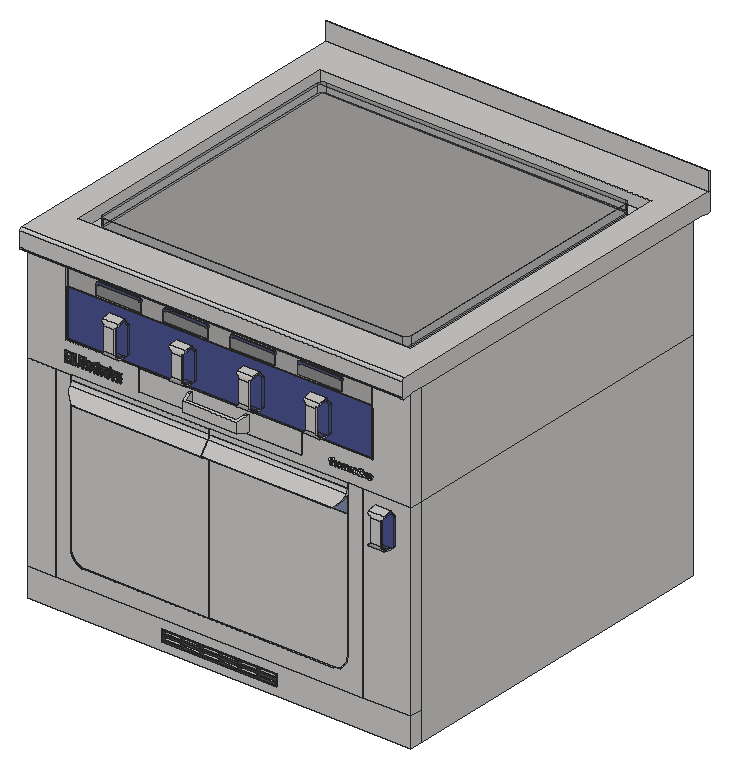
Revit family "QF_ELECTROLUXPROFESSIONAL_588461_MALQEBH4AO", category Attrezzature speciali, Revit 2020 (continued)
Definition of nested family "Front_Panel_W800_Four Knobs"
  Definition of nested family "ELX_Professional_Logo_Small"
    Forms (mm)
      Extrusion 2, solid, material <- "Material_Logo"
        sketch origin (15.5, 0, 0) x (1, 0, 0) y (0, 1, 0)
          loop
            spline (-4.441, -1.243) -> (-4.659, -1.247) -> (-4.894, -1.23) -> (-5.137, -1.19) -> (-5.384, -1.121) -> (-5.628, -1.021) -> (-5.864, -0.884) -> (-6.084, -0.708) -> (-6.283, -0.488) -> (-6.454, -0.219) -> (-6.592, 0.101) -> (-6.69, 0.478) -> (-6.742, 0.914)
            line (-6.742, 0.914) -> (-6.742, 4.587) -> (-4.487, 4.587) -> (-4.487, 6.838) -> (-6.738, 6.838) -> (-6.738, 10.824) -> (-9.217, 10.824) -> (-9.217, 0.773)
            spline (-9.217, 0.773) -> (-9.164, 0.19) -> (-9.068, -0.358) -> (-8.928, -0.87) -> (-8.742, -1.343) -> (-8.511, -1.777) -> (-8.232, -2.168) -> (-7.904, -2.515) -> (-7.527, -2.816) -> (-7.098, -3.069) -> (-6.618, -3.273) -> (-6.084, -3.426) -> (-5.496, -3.525)
            line (-5.496, -3.525) -> (-4.45, -3.573) -> (-4.441, -1.243)
          loop
            spline (3.898, 6.983) -> (3.469, 7.009) -> (3.056, 7.001) -> (2.661, 6.961) -> (2.283, 6.888) -> (1.925, 6.785) -> (1.588, 6.652) -> (1.272, 6.49) -> (0.979, 6.301) -> (0.71, 6.085) -> (0.465, 5.844) -> (0.247, 5.578) -> (0.056, 5.289)
            line (0.056, 5.289) -> (0.056, 6.838) -> (-2.402, 6.838) -> (-2.402, -3.572) -> (0.056, -3.572) -> (0.056, 1.901)
            spline (0.056, 1.901) -> (0.079, 2.316) -> (0.145, 2.703) -> (0.254, 3.06) -> (0.404, 3.386) -> (0.592, 3.679) -> (0.818, 3.938) -> (1.08, 4.162) -> (1.375, 4.348) -> (1.703, 4.495) -> (2.062, 4.602) -> (2.45, 4.668) -> (2.865, 4.69)
            line (2.865, 4.69) -> (3.898, 4.586) -> (3.898, 6.983)
          loop
            spline (15.638, 1.633) -> (15.586, 2.396) -> (15.435, 3.124) -> (15.192, 3.81) -> (14.863, 4.449) -> (14.455, 5.034) -> (13.975, 5.56) -> (13.43, 6.021) -> (12.826, 6.411) -> (12.17, 6.724) -> (11.469, 6.955) -> (10.729, 7.098) -> (9.958, 7.147)
            spline (9.958, 7.147) -> (9.182, 7.098) -> (8.44, 6.955) -> (7.737, 6.724) -> (7.081, 6.411) -> (6.477, 6.021) -> (5.933, 5.56) -> (5.454, 5.034) -> (5.048, 4.449) -> (4.721, 3.81) -> (4.479, 3.124) -> (4.329, 2.396) -> (4.277, 1.633)
            spline (4.277, 1.633) -> (4.329, 0.869) -> (4.479, 0.141) -> (4.721, -0.544) -> (5.048, -1.183) -> (5.454, -1.768) -> (5.933, -2.294) -> (6.477, -2.755) -> (7.081, -3.145) -> (7.737, -3.459) -> (8.44, -3.69) -> (9.182, -3.833) -> (9.958, -3.882)
            spline (9.958, -3.882) -> (10.729, -3.833) -> (11.469, -3.69) -> (12.17, -3.459) -> (12.826, -3.145) -> (13.43, -2.755) -> (13.975, -2.294) -> (14.455, -1.768) -> (14.863, -1.183) -> (15.192, -0.544) -> (15.435, 0.141) -> (15.586, 0.869) -> (15.638, 1.633)
          loop
            spline (13.18, 1.633) -> (13.151, 2.083) -> (13.067, 2.513) -> (12.932, 2.918) -> (12.748, 3.296) -> (12.52, 3.642) -> (12.251, 3.954) -> (11.943, 4.227) -> (11.601, 4.459) -> (11.228, 4.645) -> (10.828, 4.782) -> (10.403, 4.867) -> (9.958, 4.896)
            spline (9.958, 4.896) -> (9.509, 4.867) -> (9.081, 4.782) -> (8.679, 4.645) -> (8.306, 4.459) -> (7.964, 4.227) -> (7.658, 3.954) -> (7.39, 3.642) -> (7.163, 3.296) -> (6.981, 2.918) -> (6.847, 2.513) -> (6.765, 2.083) -> (6.736, 1.633)
            spline (6.736, 1.633) -> (6.765, 1.182) -> (6.847, 0.753) -> (6.981, 0.347) -> (7.163, -0.031) -> (7.39, -0.377) -> (7.658, -0.689) -> (7.964, -0.962) -> (8.306, -1.193) -> (8.679, -1.38) -> (9.081, -1.517) -> (9.509, -1.602) -> (9.958, -1.631)
            spline (9.958, -1.631) -> (10.403, -1.602) -> (10.828, -1.517) -> (11.228, -1.38) -> (11.601, -1.193) -> (11.943, -0.962) -> (12.251, -0.689) -> (12.52, -0.377) -> (12.748, -0.031) -> (12.932, 0.347) -> (13.067, 0.753) -> (13.151, 1.182) -> (13.18, 1.633)
          loop
            line (17.162, 4.269) -> (17.162, -3.573) -> (19.642, -3.573) -> (19.642, 10.824) -> (17.162, 10.824) -> (17.162, 4.269)
          loop
            line (28.581, 6.838) -> (28.581, 0.786)
            spline (28.581, 0.786) -> (28.561, 0.393) -> (28.503, 0.038) -> (28.409, -0.279) -> (28.281, -0.559) -> (28.122, -0.802) -> (27.933, -1.011) -> (27.717, -1.185) -> (27.476, -1.325) -> (27.213, -1.433) -> (26.929, -1.509) -> (26.626, -1.554) -> (26.308, -1.569)
            spline (26.308, -1.569) -> (25.99, -1.554) -> (25.688, -1.509) -> (25.404, -1.434) -> (25.141, -1.326) -> (24.9, -1.187) -> (24.684, -1.014) -> (24.496, -0.807) -> (24.336, -0.565) -> (24.209, -0.288) -> (24.115, 0.026) -> (24.057, 0.376) -> (24.037, 0.765)
            line (24.037, 0.765) -> (24.037, 6.838) -> (21.537, 6.838) -> (21.537, 0.558)
            spline (21.537, 0.558) -> (21.581, -0.153) -> (21.71, -0.8) -> (21.916, -1.384) -> (22.195, -1.904) -> (22.54, -2.362) -> (22.944, -2.757) -> (23.403, -3.09) -> (23.909, -3.362) -> (24.456, -3.572) -> (25.04, -3.722) -> (25.652, -3.811) -> (26.288, -3.841)
            spline (26.288, -3.841) -> (26.929, -3.811) -> (27.547, -3.72) -> (28.135, -3.568) -> (28.687, -3.355) -> (29.197, -3.079) -> (29.66, -2.741) -> (30.068, -2.341) -> (30.415, -1.877) -> (30.696, -1.349) -> (30.905, -0.757) -> (31.034, -0.101) -> (31.079, 0.621)
            line (31.079, 0.621) -> (31.079, 6.838) -> (28.581, 6.838)
          loop
            line (40.457, -0.243) -> (38.894, 1.942) -> (40.83, 4.579) -> (42.488, 6.837) -> (39.782, 6.837) -> (37.53, 3.719) -> (35.258, 6.837) -> (32.573, 6.837) -> (34.113, 4.731) -> (36.167, 1.922) -> (34.014, -1.076) -> (32.222, -3.573) -> (34.887, -3.573) -> (37.53, 0.104) -> (40.174, -3.573) -> (42.839, -3.573) -> (40.457, -0.243)
          loop
            line (-46.121, -5.837) -> (-48.039, -5.837) -> (-48.039, -10.814) -> (-47.016, -10.814) -> (-47.016, -9.128) -> (-46.121, -9.128)
            arc (-46.121, -9.128) -> (-44.476, -7.482) -> (-46.121, -5.837) r 1.645
          loop
            line (-46.163, -6.778) -> (-47.016, -6.778) -> (-47.016, -8.187) -> (-46.163, -8.187)
            arc (-46.163, -8.187) -> (-45.458, -7.482) -> (-46.163, -6.778) r 0.704
          loop
            line (-38.313, -5.837) -> (-40.265, -5.837) -> (-40.265, -10.814) -> (-39.241, -10.814) -> (-39.241, -9.1) -> (-38.46, -9.182) -> (-37.48, -10.814) -> (-36.318, -10.814) -> (-37.513, -8.848)
            arc (-37.513, -8.848) -> (-36.888, -8.266) -> (-36.671, -7.441) r 1.536
            arc (-36.671, -7.441) -> (-37.165, -6.305) -> (-38.313, -5.837) r 1.643
          loop
            arc (-38.402, -8.166) -> (-37.707, -7.505) -> (-38.334, -6.778) r 0.696
            line (-38.334, -6.778) -> (-39.241, -6.778) -> (-39.241, -8.166) -> (-38.402, -8.166)
          loop
            circle (-29.965, -8.325) r 2.585
          loop
            circle (-29.965, -8.325) r 1.64
          loop
            line (-23.1, -5.837) -> (-23.1, -10.814) -> (-22.076, -10.814) -> (-22.076, -8.768) -> (-20.204, -8.768) -> (-20.204, -7.828) -> (-22.076, -7.828) -> (-22.076, -6.778) -> (-20.024, -6.778) -> (-20.024, -5.837) -> (-23.1, -5.837)
          loop
            line (-15.802, -5.837) -> (-15.802, -9.2)
            arc (-15.802, -9.2) -> (-15.343, -10.34) -> (-14.209, -10.814) r 1.593
            line (-14.209, -10.814) -> (-12.602, -10.814) -> (-12.602, -10.027) -> (-14.004, -10.027)
            arc (-14.004, -10.027) -> (-14.552, -9.8) -> (-14.779, -9.252) r 0.775
            line (-14.779, -9.252) -> (-14.779, -8.424) -> (-12.789, -8.424) -> (-12.789, -7.642) -> (-14.779, -7.642) -> (-14.779, -6.778) -> (-12.651, -6.778) -> (-12.651, -5.837) -> (-15.802, -5.837)
          loop
            line (-5.909, -7.143) -> (-5.173, -6.638)
            arc (-5.173, -6.638) -> (-5.855, -5.974) -> (-6.781, -5.755) r 1.782
            arc (-6.781, -5.755) -> (-7.397, -5.878) -> (-7.944, -6.189) r 1.974
            arc (-7.944, -6.189) -> (-8.202, -6.5) -> (-8.317, -6.888) r 1.013
            arc (-8.317, -6.888) -> (-8.306, -7.341) -> (-8.192, -7.78) r 1.985
            arc (-8.192, -7.78) -> (-7.749, -8.259) -> (-7.171, -8.563) r 1.928
            arc (-7.171, -8.563) -> (-6.637, -8.779) -> (-6.131, -9.056) r 5.041
            arc (-6.131, -9.056) -> (-5.934, -9.387) -> (-6.09, -9.74) r 0.42
            arc (-6.09, -9.74) -> (-6.631, -9.96) -> (-7.204, -9.845) r 1.016
            arc (-7.204, -9.845) -> (-7.625, -9.603) -> (-7.889, -9.196) r 1.033
            line (-7.889, -9.196) -> (-8.67, -9.686)
            arc (-8.67, -9.686) -> (-8.361, -10.198) -> (-7.908, -10.589) r 1.914
            arc (-7.908, -10.589) -> (-7.334, -10.834) -> (-6.714, -10.896) r 2.063
            arc (-6.714, -10.896) -> (-5.947, -10.743) -> (-5.256, -10.376) r 2.696
            arc (-5.256, -10.376) -> (-4.95, -9.565) -> (-5.108, -8.712) r 1.618
            arc (-5.108, -8.712) -> (-5.448, -8.319) -> (-5.884, -8.035) r 1.876
            arc (-5.884, -8.035) -> (-6.434, -7.789) -> (-6.999, -7.577) r 9.883
            arc (-6.999, -7.577) -> (-7.325, -7.07) -> (-6.854, -6.694) r 0.45
            arc (-6.854, -6.694) -> (-6.329, -6.809) -> (-5.909, -7.143) r 1.197
          loop
            line (1.61, -7.143) -> (2.345, -6.638)
            arc (2.345, -6.638) -> (1.663, -5.974) -> (0.737, -5.755) r 1.782
            arc (0.737, -5.755) -> (0.121, -5.878) -> (-0.425, -6.189) r 1.974
            arc (-0.425, -6.189) -> (-0.683, -6.5) -> (-0.799, -6.888) r 1.013
            arc (-0.799, -6.888) -> (-0.788, -7.341) -> (-0.674, -7.78) r 1.985
            arc (-0.674, -7.78) -> (-0.231, -8.259) -> (0.347, -8.563) r 1.928
            arc (0.347, -8.563) -> (0.881, -8.779) -> (1.387, -9.056) r 5.041
            arc (1.387, -9.056) -> (1.584, -9.387) -> (1.428, -9.74) r 0.42
            arc (1.428, -9.74) -> (0.887, -9.96) -> (0.314, -9.845) r 1.016
            arc (0.314, -9.845) -> (-0.107, -9.603) -> (-0.371, -9.196) r 1.033
            line (-0.371, -9.196) -> (-1.152, -9.686)
            arc (-1.152, -9.686) -> (-0.842, -10.198) -> (-0.39, -10.589) r 1.914
            arc (-0.39, -10.589) -> (0.184, -10.834) -> (0.804, -10.896) r 2.063
            arc (0.804, -10.896) -> (1.572, -10.743) -> (2.263, -10.376) r 2.696
            arc (2.263, -10.376) -> (2.568, -9.565) -> (2.411, -8.712) r 1.618
            arc (2.411, -8.712) -> (2.07, -8.319) -> (1.635, -8.035) r 1.876
            arc (1.635, -8.035) -> (1.084, -7.789) -> (0.519, -7.577) r 9.883
            arc (0.519, -7.577) -> (0.193, -7.07) -> (0.665, -6.694) r 0.45
            arc (0.665, -6.694) -> (1.189, -6.809) -> (1.61, -7.143) r 1.197
          loop
            line (6.801, -5.837) -> (6.801, -10.814) -> (7.825, -10.814) -> (7.825, -5.837) -> (6.801, -5.837)
          loop
            circle (14.724, -8.325) r 1.548
          loop
            circle (14.724, -8.325) r 2.585
          loop
            line (21.59, -10.814) -> (22.623, -10.814) -> (22.623, -7.685) -> (24.9, -10.814) -> (25.895, -10.814) -> (25.895, -5.837) -> (24.861, -5.837) -> (24.861, -9.061) -> (22.585, -5.837) -> (21.59, -5.837) -> (21.59, -10.814)
          loop
            line (31.054, -10.814) -> (31.539, -9.74) -> (33.38, -9.74) -> (33.865, -10.814) -> (34.965, -10.814) -> (32.46, -5.837) -> (29.956, -10.814) -> (31.054, -10.814)
          loop
            line (32.46, -7.698) -> (31.999, -8.719) -> (32.921, -8.719) -> (32.46, -7.698)
          loop
            line (40.047, -9.873) -> (40.047, -5.837) -> (39.024, -5.837) -> (39.024, -10.814) -> (41.961, -10.814) -> (41.961, -9.873) -> (40.047, -9.873)
          loop
            line (-74.986, -10.814) -> (-53.322, -10.814) -> (-53.322, 10.82) -> (-74.986, 10.82) -> (-74.986, -10.814)
          loop
            line (-61.261, 9.758) -> (-61.261, -9.707)
            arc (-61.261, -9.707) -> (-54.066, 0.025) -> (-61.261, 9.758) r 10.18
          loop
            line (-62.251, 8.349) -> (-62.251, 9.758)
            arc (-62.251, 9.758) -> (-70.347, 7.918) -> (-74.247, 0.59) r 9.976
            line (-74.247, 0.59) -> (-71.026, 0.59)
            arc (-71.026, 0.59) -> (-65.274, 2.925) -> (-62.251, 8.349) r 9.351
          loop
            arc (-74.247, -0.539) -> (-70.353, -7.928) -> (-62.251, -9.957) r 10.237
            line (-62.251, -9.957) -> (-62.251, -8.298)
            arc (-62.251, -8.298) -> (-65.274, -2.874) -> (-71.026, -0.539) r 9.351
            line (-71.026, -0.539) -> (-74.247, -0.539)
        from 0 to 1.644
    Dimensions and locks
      aligned and locked: plane 2 to Extrusion 1
      aligned and locked: level to Extrusion 1
Definition of nested family "H450H2_2DOOR"
  Parameters
    Width [instance] = 580 mm
    Wdoor [instance] = Width / 2  # 290 mm
    Show Clearance [instance] = yes
    Model = "727995"
    Height = 450 mm
    Default Elevation = 0 mm
  Reference planes
    plane 1 "Center (Front/Back)": y = 0
    plane 2: z = 0
    plane 3 "Center (Left/Right)": x = 36.042
    plane 4 "panel": z = 25
    plane 5: x = -253.958
    plane 6: x = 326.042
    plane 7: y = 450
    plane 8: z = 290
    plane 9: z = 45
  Forms (mm)
    Extrusion 1, solid
      sketch origin (0, -919.2, 0) x (1, 0, 0) y (0, 1, 0)
        loop
          line (-980.5, 2119.2) -> (-980.5, -162.846) -> (881.94, -162.846) -> (881.94, 2119.2) -> (-980.5, 2119.2)
      from 0 to -59.546
    Extrusion 2, solid
      sketch origin (0, 0, 0) x (1, 0, 0) y (0, 1, 0)
        loop
          line (324.042, 393) -> (37.042, 393) -> (37.042, 97) -> (294.042, 97)
          arc (294.042, 97) -> (315.255, 105.787) -> (324.042, 127) r 30
          line (324.042, 127) -> (324.042, 393)
        loop
          arc (-251.958, 127) -> (-243.171, 105.787) -> (-221.958, 97) r 30
          line (-221.958, 97) -> (35.042, 97) -> (35.042, 393) -> (-251.958, 393) -> (-251.958, 127)
      from 0 to 25
    Extrusion 3, solid
      sketch origin (0, 0, 0) x (1, 0, 0) y (0, 1, 0)
        loop
          line (-251.958, 393) -> (35.042, 393) -> (35.042, 440) -> (-251.958, 440) -> (-251.958, 393)
        loop
          line (37.042, 440) -> (37.042, 393) -> (324.042, 393) -> (324.042, 440) -> (37.042, 440)
      from 0 to 25
    Extrusion 4, solid
      sketch origin (5.581, 79.805, 0) x (1, 0, 0) y (0, 1, 0)
        loop
          line (-257.539, 360.195) -> (29.461, 360.195) -> (29.461, 370.195) -> (-257.539, 370.195) -> (-257.539, 360.195)
        loop
          line (31.461, 370.195) -> (31.461, 360.195) -> (318.461, 360.195) -> (318.461, 370.195) -> (31.461, 370.195)
      from 0 to 25
    Extrusion 5, solid
      sketch origin (36.042, 0, 0) x (0, 1, 0) y (0, 0, 1)
        loop
          line (426.693, 25) -> (440.02, 25)
          arc (440.02, 25) -> (435.261, 25.775) -> (430.993, 28.02) r 15
          line (430.993, 28.02) -> (406.653, 46.362) -> (403.644, 42.369) -> (426.693, 25)
      from 1 to 288
    Extrusion 6, solid
      sketch origin (36.042, 0, 0) x (0, 1, 0) y (0, 0, 1)
        loop
          line (426.693, 25) -> (440.02, 25)
          arc (440.02, 25) -> (435.261, 25.775) -> (430.993, 28.02) r 15
          line (430.993, 28.02) -> (406.653, 46.362) -> (403.644, 42.369) -> (426.693, 25)
      from -288 to -1
    Extrusion 7, void
      sketch origin (0, 0, 0) x (1, 0, 0) y (0, 1, 0)
        loop
          arc (324.042, 426.693) -> (314.508, 412.772) -> (300.317, 403.644) r 42.603
          line (300.317, 403.644) -> (324.042, 403.644) -> (324.042, 426.693)
      from 0 to 47.9
    Extrusion 8, void
      sketch origin (72.084, 0, 0) x (-1, 0, 0) y (0, -1, 0)
        loop
          line (324.042, -426.693) -> (324.042, -403.644) -> (300.317, -403.644)
          arc (300.317, -403.644) -> (314.508, -412.772) -> (324.042, -426.693) r 42.603
      from 0 to 47.9
    Extrusion 9, solid, detail levels coarse
      sketch origin (0, 0, 0) x (1, 0, 0) y (0, 0, 1)
        loop
          arc (36.042, 25) -> (-41.575, 212.383) -> (-228.958, 290) r 265
          line (-228.958, 290) -> (-228.958, 25) -> (36.042, 25)
      from -450 to -97
    Extrusion 10, solid, detail levels coarse
      sketch origin (0, 0, 0) x (1, 0, 0) y (0, 0, 1)
        loop
          arc (301.042, 290) -> (113.659, 212.383) -> (36.042, 25) r 265
          line (36.042, 25) -> (301.042, 25) -> (301.042, 290)
      from -450 to -97
  Cuts and joins
    Extrusion 8 cuts Extrusion 6
    Extrusion 7 cuts Extrusion 5
  Lines and regions (mm)
    symbolic lines
      curve 1: line (326.042, 0, 45) -> (326.042, 0, 290)
      curve 2: line (301.042, 0, 45) -> (301.042, 0, 290)
      curve 3: line (326.042, 0, 290) -> (301.042, 0, 290)
      curve 4: line (-253.958, 0, 45) -> (-253.958, 0, 290)
      curve 5: line (-228.958, 0, 45) -> (-228.958, 0, 290)
      curve 6: line (-253.958, 0, 290) -> (-228.958, 0, 290)
      curve 7: arc (301.042, 0, 290) -> (120.901, 0, 219.356) -> (36.804, 0, 45.088) r 265
      curve 8: arc (35.286, 0, 44.997) -> (-48.783, 0, 219.325) -> (-228.958, 0, 290) r 265
  Dimensions and locks
    plane 4 "panel" to level = 25 mm
    "Width": plane 5 to plane 6
    equal spacing: plane 5, plane 3 "Center (Left/Right)", plane 6
    "Height": plane 1 "Center (Front/Back)" to plane 7
    locked: plane 5 to Extrusion 2 sketch curve at 2
    locked: Extrusion 2 sketch curve to plane 6 at 2
    locked: plane 1 "Center (Front/Back)" to Extrusion 2 sketch curve at 97
    locked: plane 7 to Extrusion 2 sketch curve at 57
    locked: Extrusion 2 sketch curve to plane 3 "Center (Left/Right)" at 1
    locked: plane 3 "Center (Left/Right)" to Extrusion 2 sketch curve at 1
    Extrusion 3 sketch curve to Extrusion 2 = 47 mm
    "Wdoor": plane 8 to level
    locked: curve 2 to curve 1 at 25
    locked: curve 5 to curve 4 at 25
    plane 4 "panel" to plane 9 = 20 mm
    aligned and locked: plane 2 to Extrusion 1
    aligned and locked: level to Extrusion 1
    aligned and locked: plane 4 "panel" to Extrusion 2
    aligned and locked: Extrusion 2 to Extrusion 3 sketch curve
    aligned and locked: Extrusion 3 sketch curve to Extrusion 2  (x2)
    aligned and locked: Extrusion 3 sketch curve to Extrusion 3 sketch curve
    aligned and locked: plane 4 "panel" to Extrusion 3
    aligned and locked: Extrusion 4 sketch curve to Extrusion 4 sketch curve
    aligned and locked: Extrusion 4 sketch curve to Extrusion 3  (x3)
    aligned and locked: Extrusion 3 to Extrusion 4 sketch curve
    aligned and locked: Extrusion 4 sketch curve to plane 7
    aligned and locked: Extrusion 3 to Extrusion 5
    aligned and locked: Extrusion 5 to Extrusion 3
    aligned and locked: Extrusion 6 to Extrusion 3
    aligned and locked: Extrusion 3 to Extrusion 6
    aligned and locked: Extrusion 7 sketch curve to Extrusion 5
    aligned and locked: Extrusion 8 to Extrusion 6
    aligned and locked: Extrusion 4 to Extrusion 8
    aligned and locked: Extrusion 2 to Extrusion 7
    aligned and locked: Extrusion 7 to Extrusion 5
    aligned and locked: Extrusion 4 to Extrusion 3  (x2)
    aligned and locked: Extrusion 3 to Extrusion 2
    aligned and locked: Extrusion 4 to Extrusion 2
    aligned and locked: curve 3 to plane 8
    aligned and locked: curve 1 to plane 6
    aligned and locked: curve 4 to plane 5
    aligned and locked: Extrusion 9 sketch curve to plane 4 "panel"
    aligned and locked: Extrusion 10 sketch curve to curve 7
    aligned and locked: Extrusion 10 sketch curve to curve 2
    aligned and locked: Extrusion 2 to Extrusion 9
    aligned and locked: Extrusion 2 to Extrusion 10
    aligned and locked: plane 7 to Extrusion 9
    aligned and locked: Extrusion 3 to Extrusion 4
  Automatic sketch dimensions
    Extrusion 1 sketch curve to Extrusion 1 sketch curve = 1862.44 mm
    Extrusion 1 sketch curve to Extrusion 1 sketch curve = 2282.046 mm
    Extrusion 2 sketch curve to Extrusion 2 sketch curve = 30 mm  (x2)
    Extrusion 2 sketch curve to plane 1 "Center (Front/Back)" = 97 mm
    Extrusion 2 sketch curve to Extrusion 2 sketch curve = 0 mm
    Extrusion 3 sketch curve to plane 3 "Center (Left/Right)" = 1 mm
    plane 5 to Extrusion 3 sketch curve = 2 mm
    Extrusion 3 sketch curve to Extrusion 3 sketch curve = 0 mm
    Extrusion 5 sketch curve to plane 4 "panel" = 0 mm
    plane 4 "panel" to Extrusion 5 sketch curve = 17.369 mm
    Extrusion 5 sketch curve to plane 7 = 46.356 mm
    plane 4 "panel" to Extrusion 5 sketch curve = 21.362 mm
    Extrusion 5 sketch curve to Extrusion 5 sketch curve = 3.009 mm
    plane 4 "panel" to Extrusion 5 sketch curve = 3.02 mm
    Extrusion 5 sketch curve to Extrusion 5 sketch curve = 9.027 mm
    Extrusion 6 sketch curve to plane 4 "panel" = 0 mm
    plane 4 "panel" to Extrusion 6 sketch curve = 17.369 mm
    Extrusion 6 sketch curve to plane 7 = 46.356 mm
    plane 4 "panel" to Extrusion 6 sketch curve = 21.362 mm
    Extrusion 6 sketch curve to Extrusion 6 sketch curve = 3.009 mm
    plane 4 "panel" to Extrusion 6 sketch curve = 3.02 mm
    Extrusion 6 sketch curve to Extrusion 6 sketch curve = 9.027 mm
    Extrusion 7 sketch curve to Extrusion 7 sketch curve = 23.725 mm
    Extrusion 7 sketch curve to plane 7 = 6.671 mm
    Extrusion 7 sketch curve to plane 6 = 41.221 mm
    Extrusion 7 sketch curve to plane 7 = 23.307 mm
    plane 7 to Extrusion 8 sketch curve = 6.671 mm
    Extrusion 8 sketch curve to plane 5 = 41.221 mm
    Extrusion 8 sketch curve to plane 5 = 25.725 mm
    Extrusion 8 sketch curve to plane 5 = 2 mm
    plane 7 to Extrusion 8 sketch curve = 23.307 mm
    Extrusion 4 sketch curve to Extrusion 4 sketch curve = 10 mm
    Extrusion 4 sketch curve to plane 7 = 10 mm
    curve 2 to plane 9 = 0 mm
    curve 5 to plane 9 = 0 mm
    curve 4 to plane 9 = 0 mm
    curve 1 to plane 9 = 0 mm
    curve 8 to plane 4 "panel" = 0 mm
    curve 5 to plane 8 = 0 mm
    curve 8 to plane 9 = 0.003 mm
    curve 7 to plane 4 "panel" = 0 mm
    plane 9 to curve 7 = 0.088 mm
Definition of nested family "Warm"
  Reference planes
    plane 1 "Center (Front/Back)": y = 0
    plane 2: z = 0
    plane 3 "Center (Left/Right)": x = 0
  Lines and regions (mm)
    detail lines, in view "Ref. Level"
      curve 1: circle (-165.742, 180.331, 0) r 45 normal (0, 0, 1)
      curve 2: line (-165.742, 125.331, 0) -> (-165.742, 80.331, 0)
      curve 3: line (-165.742, 235.331, 0) -> (-165.742, 280.331, 0)
      curve 4: line (-105.742, 180.331, 0) -> (-65.742, 180.331, 0)
      curve 5: line (-220.742, 180.331, 0) -> (-265.742, 180.331, 0)
      curve 6: line (-126.851, 141.44, 0) -> (-95.031, 109.62, 0)
      curve 7: line (-204.632, 219.221, 0) -> (-236.452, 251.041, 0)
      curve 8: line (-126.851, 219.221, 0) -> (-95.031, 251.041, 0)
      curve 9: line (-204.632, 141.44, 0) -> (-236.452, 109.62, 0)
